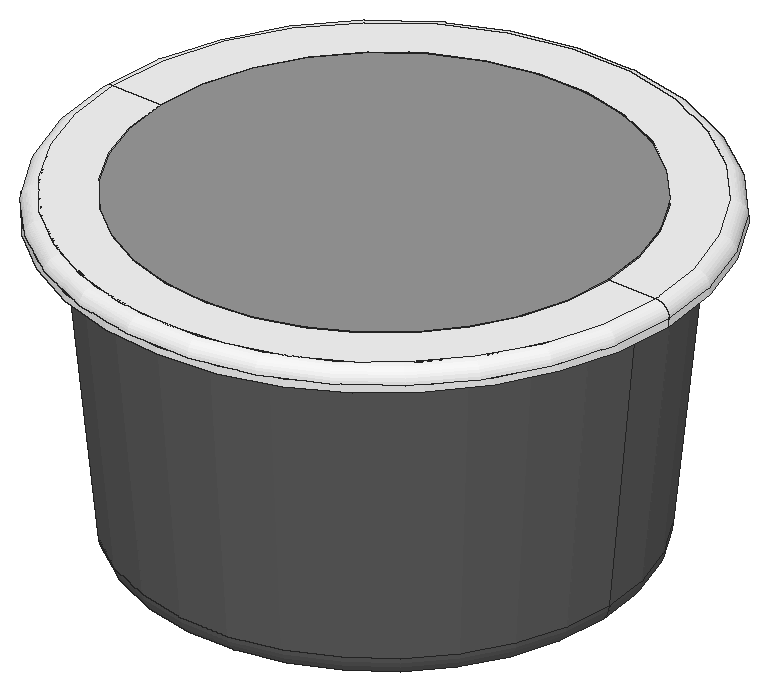
Revit family "3098101 Lighting Fixture_Sylvania_Insaver LED II 150 LO_Ceiling Recessed", category Lighting Fixtures, host Face, Revit 2017
Family settings
  Host = Face
  Round Connector Dimension = Use Diameter
  Part Type = Normal
  OmniClass Number = 23.80.70.11.17
  OmniClass Title = Specialized Lighting by Location or Use
  Cut with Voids When Loaded = No
  Light Source = Yes
  Shared = No
  Room Calculation Point = No
Parameters (values of type "Insaver LED II 150 Low Output NW EB")
  Ta Rating = "0°C to 55°C"  # constant formula
  Reflector Radius = Body Radius - 2.0 mm  # 73.0 mm
  Reflector Material = Metal_Sylvania_Insaver LED II_Polished
  Radius = Diameter / 2  # 84.5 mm
  LOR = "100%"  # constant formula
  IP Rating = "IP23 (44 with accessory)"  # constant formula
  Height = 87.0 mm
  Glare Control = "UGR <19 (using accessory)"  # constant formula
  Energy Class = "A++,A+,A"  # constant formula
  Weight = 0 kg
  Wattage = 20 W
  built-in parameter 1150110 = 1 (stored number, unit not read)
  Voltage Comments = "UNV (Universal Voltage; 220-240 Volt)"  # constant formula
  Voltage = 230 V  # constant formula
  URL = "http://www.sylvania-lighting.com"
  built-in parameter 1114217 = 1 (stored number, unit not read)
  Tilt Angle = -90°
  built-in parameter 1150109 = 1 (stored number, unit not read)
  built-in parameter 1150134 = 12
  built-in parameter 1150113 = 1 (stored number, unit not read)
  Product Page URL = "http://www.sylvania-lighting.com/product/en-int/products/3098101"
  Product Family = "INSAVER LED II 150"  # constant formula
  Photometry Comments = ""
  Photometric Web File = "3098101_InsaverLEDII150LowOutputNWEB-200374.ies"
  Life = "50 000 h"  # constant formula
  Emit from Circle Diameter = Diffuser Diameter  # 133.0 mm
  Emit Shape Visible in Rendering = no
  Drive Current = "700mA"  # constant formula
  Distribution type = "Direct - symmetrical"  # constant formula
  Diffuser Material = Glass_Sylvania_Insaver LED II_4000K
  Diffuser Diameter = Diameter - 36.0 mm  # 133.0 mm
  Diameter = 169.0 mm
  Cutout Diameter = Diameter - 19.0 mm  # 150.0 mm
  Colour consistency (SDCM) = "3 step"  # constant formula
  built-in parameter 1114216 [instance] = 1 (stored number, unit not read)
  Model = "Insaver LED II 150 Low Output NW EB"
  Manufacturer = "Feilo Sylvania"
  built-in parameter 1150105 = 1454.2 (stored number, unit not read)
  Lumens = 1940 lm
  built-in parameter 1150115 = 1 (stored number, unit not read)
  built-in parameter 1150137 = (empty or 0)
  built-in parameter 1150139 = (empty or 0)
  built-in parameter 1150112 = 1 (stored number, unit not read)
  built-in parameter 1150114 = 1 (stored number, unit not read)
  Lamp Comments = "Integrated LED"  # constant formula
  Lamp = ""
  built-in parameter 1150132 = 2
  built-in parameter 1150102 = (empty or 0)
  built-in parameter 1150107 = 4000 (stored number, unit not read)
  built-in parameter 1150138 = (empty or 0)
  built-in parameter 1150106 = 14.542 (stored number, unit not read)
  CRI ( Ra ) = 80  # constant formula
  Body Material = Plastic_Sylvania_Insaver LED II_Black
  built-in parameter 1150104 = 9.0116 (stored number, unit not read)
  Dimming Lamp Color Temperature Shift = <None>
  Description = "Circular LED downlight with up to 114lm/W efficacy and 2,400 luminaire lumen output. Innovative easy installation system allows for a rapid, single point installation. For 150mm cut outs. IP44 or UGR<19 compliant with additional accessories. 3 hour emergency and surface mounted versions available. Plus3 version includes Wieland GST connector."  # constant formula
  Default Elevation = 0.0 mm
  Color Filter = 16777215
  Catalog Number = "3098101 Insaver LED II 150 Low Output WW EB"
  built-in parameter 1140040 [instance] = 1
  Body Radius = Cutout Diameter / 2  # 75.0 mm
  Beam Angle = 76°  # constant formula
  built-in parameter 1114218 = 1 (stored number, unit not read)
  built-in parameter 1150133 = 10 (stored number, unit not read)
  Assembly Code = "D5020200"
  Apparent Load Comments = ""
  Apparent Load = 17 VA
  Accessory Material = Plastic_Sylvania_Insaver LED II_White
Reference planes
  plane 1 "Center (Front/Back)": y = 0
  plane 2: z = 0
  plane 3 "Center (Left/Right)": x = 0
  plane 4 "Fixture Top": z = -87
  plane 5 "Fixture Bottom": z = 6
  plane 6 "Reflector Top": z = -60
Forms (mm)
  Extrusion 1, void
    sketch origin (0, 0, 0) x (1, 0, 0) y (0, 1, 0)
      loop
        circle (0, 0) r 75
    from -87 to 0
  Revolve 2, solid, material "Plastic_Sylvania_Insaver LED II_White" <- "Accessory Material", detail levels fine
    sketch origin (0, 0, 0) x (1, 0, 0) y (0, 0, 1)
      loop
        line (-84.5, 0) -> (-66.5, 0) -> (-66.5, 6) -> (-80.5, 6)
        arc (-80.5, 6) -> (-83.328, 4.828) -> (-84.5, 2) r 4
        line (-84.5, 2) -> (-84.5, 0)
      axis (0, 6) -> (0, 0)
    angle from 0 to 360
  Revolve 3, solid, material "Plastic_Sylvania_Insaver LED II_Black" <- "Body Material", detail levels fine
    sketch origin (0, 0, 0) x (1, 0, 0) y (0, 0, 1)
      loop
        line (0, -87) -> (0, -85) -> (-59.475, -85)
        arc (-59.475, -85) -> (-62.901, -83.847) -> (-64.933, -80.857) r 5.666
        arc (-64.933, -80.857) -> (-70.978, -41.634) -> (-73, -2) r 389.454
        line (-73, -2) -> (-73, 0) -> (-75, 0) -> (-75, -2)
        arc (-75, -2) -> (-73.011, -41.414) -> (-67.063, -80.428) r 391.454
        arc (-67.063, -80.428) -> (-64.495, -85.129) -> (-59.475, -87) r 7.666
        line (-59.475, -87) -> (0, -87)
      axis (0, 0) -> (0, -87)
    angle from 0 to 360
  Extrusion 4, solid, material "Glass_Sylvania_Insaver LED II_4000K" <- "Diffuser Material", detail levels fine
    sketch origin (0, 0, 0) x (1, 0, 0) y (0, 1, 0)
      loop
        circle (0, 0) r 66.5
    from 0 to 6
  Revolve 5, solid, material "Metal_Sylvania_Insaver LED II_Polished" <- "Reflector Material", detail levels fine
    sketch origin (0, 0, 0) x (1, 0, 0) y (0, 0, 1)
      loop
        line (-73, 0) -> (-73, -2)
        arc (-73, -2) -> (-46.618, -43.735) -> (0, -60) r 74.94
        line (0, -60) -> (0, -58)
        arc (0, -58) -> (-45.285, -42.24) -> (-71, -1.769) r 72.94
        line (-71, -1.769) -> (-71, 0) -> (-73, 0)
      axis (0, 0) -> (0, -60)
    angle from 0 to 360
  Revolve 6, solid, material "Plastic_Sylvania_Insaver LED II_White" <- "Accessory Material", detail levels coarse+medium
    sketch origin (0, 0, 0) x (1, 0, 0) y (0, 0, 1)
      loop
        line (0, -87) -> (0, 6) -> (-84.5, 6) -> (-84.5, 0) -> (-75, 0) -> (-75, -2)
        arc (-75, -2) -> (-73.011, -41.414) -> (-67.063, -80.428) r 391.454
        arc (-67.063, -80.428) -> (-64.495, -85.129) -> (-59.475, -87) r 7.666
        line (-59.475, -87) -> (0, -87)
      axis (0, 6) -> (0, -87)
    angle from 0 to 360
Lines and regions (mm)
  Masking region 1
    outline origin (0, 0, 0) x (1, 0, 0) y (0, 1, 0)
      loop
        circle (0, 0) r 84.5
  symbolic lines, detail levels fine
    curve 1: arc (66.5, 0, 0) -> (0, 66.5, 0) -> (-66.5, 0, 0) r 66.5
    curve 2: arc (-66.5, 0, 0) -> (0, -66.5, 0) -> (66.5, 0, 0) r 66.5
Dimensions and locks
  "Height": plane 2 to plane 4 "Fixture Top"
  plane 5 "Fixture Bottom" to plane 2 = 6.0 mm
  "Radius": plane 3 "Center (Left/Right)" to Revolve 2 sketch curve
  locked: Revolve 2 sketch curve to plane 2 at 2
  Revolve 2 sketch curve to Revolve 2 sketch curve = 18.0 mm
  "Body Radius": plane 3 "Center (Left/Right)" to Revolve 3 sketch curve
  locked: Revolve 3 sketch curve to Revolve 3 sketch curve at 2
  locked: Revolve 3 sketch curve to plane 4 "Fixture Top" at 2
  "Reflector Radius": Revolve 5 sketch curve to plane 3 "Center (Left/Right)"
  locked: Revolve 5 sketch curve to Revolve 5 sketch curve at 2
  "Radius": Revolve 6 sketch curve to imposter light
  locked: Revolve 6 sketch curve to Revolve 6 sketch curve at 9.5
  "Cutout Diameter": diameter of Extrusion 1 sketch curve
  "Diffuser Diameter": diameter of Extrusion 4 sketch curve
  aligned and locked: plane 2 to host face
  aligned and locked: level to host face
  aligned and locked: Extrusion 1 to plane 4 "Fixture Top"
  aligned and locked: plane 2 to Extrusion 1
  aligned and locked: Revolve 2 sketch curve to plane 2
  aligned and locked: Revolve 2 sketch curve to plane 5 "Fixture Bottom"
  aligned and locked: Revolve 2 sketch curve to plane 3 "Center (Left/Right)"
  aligned and locked: Revolve 3 sketch curve to plane 3 "Center (Left/Right)"  (x2)
  aligned and locked: Extrusion 4 to plane 2
  aligned and locked: plane 5 "Fixture Bottom" to Extrusion 4
  aligned and locked: plane 4 "Fixture Top" to Revolve 3 sketch curve
  aligned and locked: Revolve 3 sketch curve to plane 2
  aligned and locked: Revolve 5 sketch curve to host face
  aligned and locked: Revolve 5 sketch curve to plane 3 "Center (Left/Right)"
  aligned and locked: plane 6 "Reflector Top" to Revolve 5 sketch curve
  aligned and locked: plane 3 "Center (Left/Right)" to Revolve 5 sketch curve
  aligned and locked: imposter light to plane 3 "Center (Left/Right)"
  aligned and locked: imposter light to plane 1 "Center (Front/Back)"
  aligned and locked: imposter light to plane 5 "Fixture Bottom"
  aligned and locked: Revolve 6 sketch curve to plane 3 "Center (Left/Right)"  (x2)
  aligned and locked: plane 4 "Fixture Top" to Revolve 6 sketch curve
  aligned and locked: Revolve 6 sketch curve to imposter light
  aligned and locked: Masking region 1 sketch curve to Revolve 6  (x2)
  aligned and locked: curve 1 to Extrusion 4
  aligned and locked: curve 2 to Extrusion 4
Automatic sketch dimensions
  host sketch curve to host sketch curve = 1040.406 mm
  host sketch curve to host sketch curve = 988.385 mm
  plane 1 "Center (Front/Back)" to Extrusion 1 sketch curve = 0.0 mm
  Extrusion 1 sketch curve to plane 3 "Center (Left/Right)" = 0.0 mm
  Revolve 2 sketch curve to level = 23.903 mm
  plane 5 "Fixture Bottom" to Revolve 2 sketch curve = 38.423 mm
  Revolve 3 sketch curve to Revolve 3 sketch curve = 0.0 mm  (x4)
  Revolve 3 sketch curve to plane 3 "Center (Left/Right)" = 59.475 mm
  Revolve 3 sketch curve to level = 2.0 mm
  plane 3 "Center (Left/Right)" to Revolve 3 sketch curve = 316.454 mm
  Revolve 3 sketch curve to Revolve 3 sketch curve = 5.666 mm
  Revolve 3 sketch curve to level = 21.34 mm
  plane 5 "Fixture Bottom" to Revolve 3 sketch curve = 47.66 mm
  plane 1 "Center (Front/Back)" to Extrusion 4 sketch curve = 0.0 mm
  Extrusion 4 sketch curve to plane 3 "Center (Left/Right)" = 0.0 mm
  Revolve 5 sketch curve to Revolve 5 sketch curve = 0.0 mm
  Revolve 5 sketch curve to Revolve 5 sketch curve = 2.0 mm
  Revolve 5 sketch curve to level = 2.0 mm
  Revolve 5 sketch curve to plane 4 "Fixture Top" = 30.934 mm
  Revolve 5 sketch curve to Revolve 5 sketch curve = 27.127 mm
  Revolve 6 sketch curve to level = 0.0 mm
  plane 4 "Fixture Top" to Revolve 6 sketch curve = 7.666 mm
  Revolve 6 sketch curve to plane 3 "Center (Left/Right)" = 59.475 mm
  Revolve 6 sketch curve to level = 2.0 mm
  plane 3 "Center (Left/Right)" to Revolve 6 sketch curve = 316.454 mm
  Revolve 6 sketch curve to level = 21.34 mm
  Revolve 6 sketch curve to Revolve 6 sketch curve = 47.66 mm
Connectors
  electrical at (0, 0, -87), driven by "Voltage", driven by "Apparent Load"
    settings: index 1, voltage 230 V, apparent load 0 VA, apparent load phase1 17 VA, apparent load phase2 0 VA, apparent load phase3 0 VA, power factor 1, load classification "Lighting", number of poles 1, system type 31, power factor state 1, is connector primary yes, connector utility no, sub classification motor no, connector description ""
